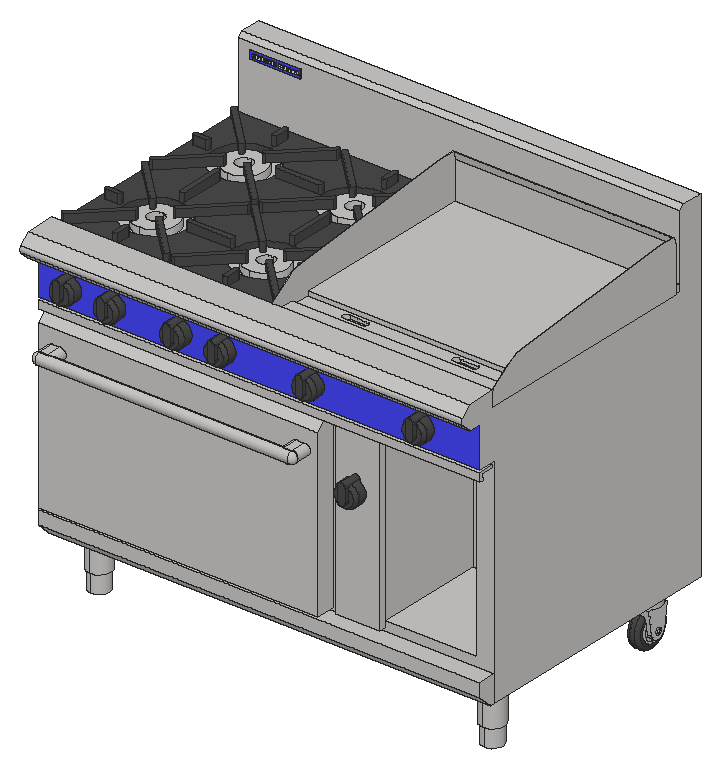
Revit family "QF_MOFFAT_BLUESEAL_CE_G508B", category Specialty Equipment, Revit 2012
Parameters
  Width = 1200 mm
  Weight in Pounds = 568
  URL Cutsheet = "www.moffat.com"
  URL = "www.moffat.com"
  Type Mark [instance] = ""
  Status [instance] = ""
  Specification by User [instance] = ""
  Specification by Manufacturer = ""
  Show Logo [instance] = yes
  Show Clearance [instance] = yes
  Show Casters [instance] = yes
  Serial Number = ""
  Seismic Rating = ""
  SMACNA No = ""
  Revision Code [instance] = ""
  Omniclass Number and Title = ""
  NAFEM Spec ID Number = ""
  Model = "G508B"
  Mechanical Remarks = ""
  Mechanical Connection Type [instance] = ""
  Masterspec = ""
  Manufacturer = "MOFFAT BLUESEAL"
  Legs [instance] = not(Show Casters)  # no
  Item Number [instance] = ""
  Installed By [instance] = ""
  Identify Quantity as Lot [instance] = yes
  Height = 970 mm
  Gas Size = 3/4"
  Gas RI Height [instance] = 0 mm
  Gas KW [instance] = 50.5
  Gas Input [instance] = 172502.0 Btu/h
  Gas Connection Height = 0 mm
  Furnished By [instance] = ""
  Foodservice Equipment Identifier [instance] = yes
  Description = "1200MM GAS RANGE WITH STATIC OVEN"
  Depth = 812 mm
  CSI MasterFormat = ""
  CSI Master Format = ""
  Body Finish = QF_Finishes_Stainless Steel
Reference planes
  plane 1 "BACK": y = 0
  plane 2: z = 0
  plane 3 "LEFT": x = 0
  plane 4 "RIGHT": x = 1200
  plane 5 "FRONT": y = -812
  plane 6 "TOP": z = 970
  plane 7 "Center Y": x = 600
  plane 8 "Center X": y = -406
  plane 9: x = 280
  plane 10: y = -574.272
  plane 11: x = 60
  plane 12: y = -304.972
  plane 13: y = -364.972
  plane 14: x = 74
  plane 15: y = -812
  plane 16: x = 1134.5
  plane 17: y = -32
  plane 18: z = 655
  plane 19: x = 65.5
  plane 20: x = 65.8
  plane 21: z = 1085
  plane 22: y = -705
Forms (mm)
  Extrusion 1, solid, material "QF_Finishes_Stainless Steel" <- "Body Finish"
    sketch origin (0, 0, 0) x (0, 1, 0) y (0, 0, 1)
      loop
        line (0, 150) -> (0, 1085) -> (-57.5, 1085) -> (-70, 1072.5) -> (-70, 875) -> (-705, 875) -> (-705, 915) -> (-783.97, 915) -> (-808.49, 890.48)
        arc (-808.49, 890.48) -> (-812.002, 882) -> (-808.49, 873.52) r 11.993
        line (-808.49, 873.52) -> (-784.97, 850) -> (-749, 850) -> (-749, 740) -> (-699, 740) -> (-699, 150) -> (0, 150)
      loop
        line (-749, 222.5) -> (-749, 186) -> (-713.071, 150.071) -> (-703.2, 150.071) -> (-703.2, 222.5) -> (-749, 222.5)
      loop
        line (-749, 710) -> (-740.224, 710) -> (-742.613, 726.999) -> (-707.93, 726.999) -> (-707.93, 734.003) -> (-749, 734.003) -> (-749, 710)
    from 0 to 1200
  Extrusion 2, solid, material "QF_Finishes_Stainless Steel"
    sketch origin (0, 7, 0) x (0, 1, 0) y (0, 0, 1)
      loop
        line (-706, 700) -> (-732, 700) -> (-756, 676) -> (-756, 227.5) -> (-706, 227.5) -> (-706, 700)
    from 0 to 760
  Extrusion 3, solid, material "QF_Finishes_Stainless Steel"
    sketch origin (723.5, 7, 0) x (0, 1, 0) y (0, 0, 1)
      loop
        line (-706, 700) -> (-721, 700) -> (-721, 227.5) -> (-706, 227.5) -> (-706, 700)
    from 56.898 to 176.5
  Revolve 4, solid, material "QF_Finishes_Stainless Steel" <- "Body Finish"
    sketch origin (1134.5, -696.126, 0) x (0, 1, 0) y (0, 0, -1)
      loop
        line (39.376, -150) -> (71.126, -150) -> (71.126, 0) -> (43.626, 0) -> (43.626, -50) -> (39.376, -50) -> (39.376, -150)
      axis (71.126, -150) -> (71.126, 0)
    angle from 0 to 360
  Revolve 5, solid, material "QF_Finishes_Stainless Steel" <- "Body Finish"
    sketch origin (65.5, -696.126, 0) x (0, 1, 0) y (0, 0, 1)
      loop
        line (39.376, 150) -> (39.376, 50) -> (43.626, 50) -> (43.626, 0) -> (71.126, 0) -> (71.126, 150) -> (39.376, 150)
      axis (71.126, 150) -> (71.126, 0)
    angle from 0 to 360
  Extrusion 6, solid, material "QF_Finishes_Stainless Steel"
    sketch origin (-64.5, 0, 325) x (1, 0, 0) y (0, 1, 0)
      loop
        circle (1134.5, -32) r 10
    from 330 to 374.856
  Extrusion 7, void
    sketch origin (0, -703.73, 150) x (0, 0, -1) y (-1, 0, 0)
      loop
        line (-526, -900) -> (-526, -1150) -> (-96, -1150) -> (-96, -900) -> (-526, -900)
    from 0 to 304.8
  Extrusion 8, solid, material "QF_Finishes_Black"
    sketch origin (0, -70, 875) x (0, -1, 0) y (1, 0, 0)
      loop
        arc (1, 4) -> (1.879, 1.879) -> (4, 1) r 3
        line (4, 1) -> (632, 1)
        arc (632, 1) -> (634.121, 1.879) -> (635, 4) r 3
        line (635, 4) -> (635, 597)
        arc (635, 597) -> (634.121, 599.121) -> (632, 600) r 3
        line (632, 600) -> (4, 600)
        arc (4, 600) -> (1.879, 599.121) -> (1, 597) r 3
        line (1, 597) -> (1, 4)
      loop
        circle (167.5, 150) r 85
      loop
        circle (167.5, 450) r 85
      loop
        circle (467.768, 150) r 85
      loop
        circle (467.768, 450) r 85
    from 0 to 19.5
  Extrusion 9, solid, material "QF_Finishes_Black"
    sketch origin (0, -70, 894.5) x (0, -1, 0) y (1, 0, 0)
      loop
        spline (327.102, 15.153) -> (326.181, 13.924) -> (325.631, 12.47) -> (325.49, 10.89) -> (325.767, 9.292) -> (326.443, 7.786) -> (327.473, 6.473) -> (328.786, 5.443) -> (330.292, 4.767) -> (331.89, 4.49) -> (333.47, 4.631) -> (334.924, 5.181) -> (336.153, 6.102)
        line (336.153, 6.102) -> (444.076, 114.025)
        spline (444.076, 114.025) -> (444.837, 115.095) -> (445.238, 116.399) -> (445.251, 117.851) -> (444.875, 119.35) -> (444.137, 120.795) -> (443.086, 122.086) -> (441.795, 123.137) -> (440.35, 123.875) -> (438.851, 124.251) -> (437.399, 124.238) -> (436.095, 123.837) -> (435.025, 123.076)
        line (435.025, 123.076) -> (327.102, 15.153)
      loop
        line (611.398, 15.153) -> (503.475, 123.076)
        spline (503.475, 123.076) -> (502.405, 123.837) -> (501.101, 124.238) -> (499.649, 124.251) -> (498.15, 123.875) -> (496.705, 123.137) -> (495.414, 122.086) -> (494.363, 120.795) -> (493.625, 119.35) -> (493.249, 117.851) -> (493.262, 116.399) -> (493.663, 115.095) -> (494.424, 114.025)
        line (494.424, 114.025) -> (602.347, 6.102)
        spline (602.347, 6.102) -> (603.416, 5.341) -> (604.721, 4.941) -> (606.172, 4.928) -> (607.671, 5.303) -> (609.116, 6.041) -> (610.408, 7.092) -> (611.459, 8.384) -> (612.197, 9.829) -> (612.572, 11.328) -> (612.559, 12.779) -> (612.159, 14.084) -> (611.398, 15.153)
      loop
        spline (379.102, 143.6) -> (380.396, 143.818) -> (381.602, 144.457) -> (382.638, 145.475) -> (383.432, 146.8) -> (383.932, 148.344) -> (384.102, 150) -> (383.932, 151.656) -> (383.432, 153.2) -> (382.638, 154.525) -> (381.602, 155.543) -> (380.396, 156.182) -> (379.102, 156.4)
        line (379.102, 156.4) -> (259.398, 156.4)
        spline (259.398, 156.4) -> (258.104, 156.182) -> (256.898, 155.543) -> (255.862, 154.525) -> (255.068, 153.2) -> (254.568, 151.656) -> (254.398, 150) -> (254.568, 148.344) -> (255.068, 146.8) -> (255.862, 145.475) -> (256.898, 144.457) -> (258.104, 143.818) -> (259.398, 143.6)
        line (259.398, 143.6) -> (379.102, 143.6)
      loop
        spline (23.602, 15.153) -> (22.681, 13.924) -> (22.131, 12.47) -> (21.99, 10.89) -> (22.267, 9.292) -> (22.943, 7.786) -> (23.973, 6.473) -> (25.286, 5.443) -> (26.792, 4.767) -> (28.39, 4.49) -> (29.97, 4.631) -> (31.424, 5.181) -> (32.653, 6.102)
        line (32.653, 6.102) -> (140.576, 114.025)
        spline (140.576, 114.025) -> (141.337, 115.095) -> (141.738, 116.399) -> (141.751, 117.851) -> (141.375, 119.35) -> (140.637, 120.795) -> (139.586, 122.086) -> (138.295, 123.137) -> (136.85, 123.875) -> (135.351, 124.251) -> (133.899, 124.238) -> (132.595, 123.837) -> (131.525, 123.076)
        line (131.525, 123.076) -> (23.602, 15.153)
      loop
        line (311.398, 15.153) -> (203.475, 123.076)
        spline (203.475, 123.076) -> (202.405, 123.837) -> (201.101, 124.238) -> (199.649, 124.251) -> (198.15, 123.875) -> (196.705, 123.137) -> (195.414, 122.086) -> (194.363, 120.795) -> (193.625, 119.35) -> (193.249, 117.851) -> (193.262, 116.399) -> (193.663, 115.095) -> (194.424, 114.025)
        line (194.424, 114.025) -> (302.347, 6.102)
        spline (302.347, 6.102) -> (303.416, 5.341) -> (304.721, 4.941) -> (306.172, 4.928) -> (307.671, 5.303) -> (309.116, 6.041) -> (310.408, 7.092) -> (311.459, 8.384) -> (312.197, 9.829) -> (312.572, 11.328) -> (312.559, 12.779) -> (312.159, 14.084) -> (311.398, 15.153)
      loop
        line (327.102, 284.847) -> (435.025, 176.924)
        spline (435.025, 176.924) -> (436.095, 176.163) -> (437.399, 175.762) -> (438.851, 175.749) -> (440.35, 176.125) -> (441.795, 176.863) -> (443.086, 177.914) -> (444.137, 179.205) -> (444.875, 180.65) -> (445.251, 182.149) -> (445.238, 183.601) -> (444.837, 184.905) -> (444.076, 185.975)
        line (444.076, 185.975) -> (336.153, 293.898)
        spline (336.153, 293.898) -> (334.924, 294.819) -> (333.47, 295.369) -> (331.89, 295.51) -> (330.292, 295.233) -> (328.786, 294.557) -> (327.473, 293.527) -> (326.443, 292.214) -> (325.767, 290.708) -> (325.49, 289.11) -> (325.631, 287.53) -> (326.181, 286.076) -> (327.102, 284.847)
      loop
        spline (611.398, 284.847) -> (612.159, 285.916) -> (612.559, 287.221) -> (612.572, 288.672) -> (612.197, 290.171) -> (611.459, 291.616) -> (610.408, 292.908) -> (609.116, 293.959) -> (607.671, 294.697) -> (606.172, 295.072) -> (604.721, 295.059) -> (603.416, 294.659) -> (602.347, 293.898)
        line (602.347, 293.898) -> (494.424, 185.975)
        spline (494.424, 185.975) -> (493.663, 184.905) -> (493.262, 183.601) -> (493.249, 182.149) -> (493.625, 180.65) -> (494.363, 179.205) -> (495.414, 177.914) -> (496.705, 176.863) -> (498.15, 176.125) -> (499.649, 175.749) -> (501.101, 175.762) -> (502.405, 176.163) -> (503.475, 176.924)
        line (503.475, 176.924) -> (611.398, 284.847)
      loop
        spline (461.1, 241.898) -> (461.318, 240.604) -> (461.957, 239.398) -> (462.975, 238.362) -> (464.3, 237.568) -> (465.844, 237.068) -> (467.5, 236.898) -> (469.156, 237.068) -> (470.7, 237.568) -> (472.025, 238.362) -> (473.043, 239.398) -> (473.682, 240.604) -> (473.9, 241.898)
        line (473.9, 241.898) -> (473.9, 358.102)
        spline (473.9, 358.102) -> (473.682, 359.396) -> (473.043, 360.602) -> (472.025, 361.638) -> (470.7, 362.432) -> (469.156, 362.932) -> (467.5, 363.102) -> (465.844, 362.932) -> (464.3, 362.432) -> (462.975, 361.638) -> (461.957, 360.602) -> (461.318, 359.396) -> (461.1, 358.102)
        line (461.1, 358.102) -> (461.1, 241.898)
      loop
        line (23.602, 284.847) -> (131.525, 176.924)
        spline (131.525, 176.924) -> (132.595, 176.163) -> (133.899, 175.762) -> (135.351, 175.749) -> (136.85, 176.125) -> (138.295, 176.863) -> (139.586, 177.914) -> (140.637, 179.205) -> (141.375, 180.65) -> (141.751, 182.149) -> (141.738, 183.601) -> (141.337, 184.905) -> (140.576, 185.975)
        line (140.576, 185.975) -> (32.653, 293.898)
        spline (32.653, 293.898) -> (31.424, 294.819) -> (29.97, 295.369) -> (28.39, 295.51) -> (26.792, 295.233) -> (25.286, 294.557) -> (23.973, 293.527) -> (22.943, 292.214) -> (22.267, 290.708) -> (21.99, 289.11) -> (22.131, 287.53) -> (22.681, 286.076) -> (23.602, 284.847)
      loop
        spline (311.398, 284.847) -> (312.159, 285.916) -> (312.559, 287.221) -> (312.572, 288.672) -> (312.197, 290.171) -> (311.459, 291.616) -> (310.408, 292.908) -> (309.116, 293.959) -> (307.671, 294.697) -> (306.172, 295.072) -> (304.721, 295.059) -> (303.416, 294.659) -> (302.347, 293.898)
        line (302.347, 293.898) -> (194.424, 185.975)
        spline (194.424, 185.975) -> (193.663, 184.905) -> (193.262, 183.601) -> (193.249, 182.149) -> (193.625, 180.65) -> (194.363, 179.205) -> (195.414, 177.914) -> (196.705, 176.863) -> (198.15, 176.125) -> (199.649, 175.749) -> (201.101, 175.762) -> (202.405, 176.163) -> (203.475, 176.924)
        line (203.475, 176.924) -> (311.398, 284.847)
      loop
        spline (161.1, 241.898) -> (161.318, 240.604) -> (161.957, 239.398) -> (162.975, 238.362) -> (164.3, 237.568) -> (165.844, 237.068) -> (167.5, 236.898) -> (169.156, 237.068) -> (170.7, 237.568) -> (172.025, 238.362) -> (173.043, 239.398) -> (173.682, 240.604) -> (173.9, 241.898)
        line (173.9, 241.898) -> (173.9, 358.102)
        spline (173.9, 358.102) -> (173.682, 359.396) -> (173.043, 360.602) -> (172.025, 361.638) -> (170.7, 362.432) -> (169.156, 362.932) -> (167.5, 363.102) -> (165.844, 362.932) -> (164.3, 362.432) -> (162.975, 361.638) -> (161.957, 360.602) -> (161.318, 359.396) -> (161.1, 358.102)
        line (161.1, 358.102) -> (161.1, 241.898)
      loop
        line (379.102, 456.4) -> (259.398, 456.4)
        spline (259.398, 456.4) -> (258.104, 456.182) -> (256.898, 455.543) -> (255.862, 454.525) -> (255.068, 453.2) -> (254.568, 451.656) -> (254.398, 450) -> (254.568, 448.344) -> (255.068, 446.8) -> (255.862, 445.475) -> (256.898, 444.457) -> (258.104, 443.818) -> (259.398, 443.6)
        line (259.398, 443.6) -> (379.102, 443.6)
        spline (379.102, 443.6) -> (380.396, 443.818) -> (381.602, 444.457) -> (382.638, 445.475) -> (383.432, 446.8) -> (383.932, 448.344) -> (384.102, 450) -> (383.932, 451.656) -> (383.432, 453.2) -> (382.638, 454.525) -> (381.602, 455.543) -> (380.396, 456.182) -> (379.102, 456.4)
      loop
        spline (327.102, 315.153) -> (326.181, 313.924) -> (325.631, 312.47) -> (325.49, 310.89) -> (325.767, 309.292) -> (326.443, 307.786) -> (327.473, 306.473) -> (328.786, 305.443) -> (330.292, 304.767) -> (331.89, 304.49) -> (333.47, 304.631) -> (334.924, 305.181) -> (336.153, 306.102)
        line (336.153, 306.102) -> (444.076, 414.025)
        spline (444.076, 414.025) -> (444.837, 415.095) -> (445.238, 416.399) -> (445.251, 417.851) -> (444.875, 419.35) -> (444.137, 420.795) -> (443.086, 422.086) -> (441.795, 423.137) -> (440.35, 423.875) -> (438.851, 424.251) -> (437.399, 424.238) -> (436.095, 423.837) -> (435.025, 423.076)
        line (435.025, 423.076) -> (327.102, 315.153)
      loop
        line (611.398, 315.153) -> (503.475, 423.076)
        spline (503.475, 423.076) -> (502.405, 423.837) -> (501.101, 424.238) -> (499.649, 424.251) -> (498.15, 423.875) -> (496.705, 423.137) -> (495.414, 422.086) -> (494.363, 420.795) -> (493.625, 419.35) -> (493.249, 417.851) -> (493.262, 416.399) -> (493.663, 415.095) -> (494.424, 414.025)
        line (494.424, 414.025) -> (602.347, 306.102)
        spline (602.347, 306.102) -> (603.416, 305.341) -> (604.721, 304.941) -> (606.172, 304.928) -> (607.671, 305.303) -> (609.116, 306.041) -> (610.408, 307.092) -> (611.459, 308.384) -> (612.197, 309.829) -> (612.572, 311.328) -> (612.559, 312.779) -> (612.159, 314.084) -> (611.398, 315.153)
      loop
        spline (23.602, 315.153) -> (22.681, 313.924) -> (22.131, 312.47) -> (21.99, 310.89) -> (22.267, 309.292) -> (22.943, 307.786) -> (23.973, 306.473) -> (25.286, 305.443) -> (26.792, 304.767) -> (28.39, 304.49) -> (29.97, 304.631) -> (31.424, 305.181) -> (32.653, 306.102)
        line (32.653, 306.102) -> (140.576, 414.025)
        spline (140.576, 414.025) -> (141.337, 415.095) -> (141.738, 416.399) -> (141.751, 417.851) -> (141.375, 419.35) -> (140.637, 420.795) -> (139.586, 422.086) -> (138.295, 423.137) -> (136.85, 423.875) -> (135.351, 424.251) -> (133.899, 424.238) -> (132.595, 423.837) -> (131.525, 423.076)
        line (131.525, 423.076) -> (23.602, 315.153)
      loop
        line (311.398, 315.153) -> (203.475, 423.076)
        spline (203.475, 423.076) -> (202.405, 423.837) -> (201.101, 424.238) -> (199.649, 424.251) -> (198.15, 423.875) -> (196.705, 423.137) -> (195.414, 422.086) -> (194.363, 420.795) -> (193.625, 419.35) -> (193.249, 417.851) -> (193.262, 416.399) -> (193.663, 415.095) -> (194.424, 414.025)
        line (194.424, 414.025) -> (302.347, 306.102)
        spline (302.347, 306.102) -> (303.416, 305.341) -> (304.721, 304.941) -> (306.172, 304.928) -> (307.671, 305.303) -> (309.116, 306.041) -> (310.408, 307.092) -> (311.459, 308.384) -> (312.197, 309.829) -> (312.572, 311.328) -> (312.559, 312.779) -> (312.159, 314.084) -> (311.398, 315.153)
      loop
        line (327.102, 584.847) -> (435.025, 476.924)
        spline (435.025, 476.924) -> (436.095, 476.163) -> (437.399, 475.762) -> (438.851, 475.749) -> (440.35, 476.125) -> (441.795, 476.863) -> (443.086, 477.914) -> (444.137, 479.205) -> (444.875, 480.65) -> (445.251, 482.149) -> (445.238, 483.601) -> (444.837, 484.905) -> (444.076, 485.975)
        line (444.076, 485.975) -> (336.153, 593.898)
        spline (336.153, 593.898) -> (334.924, 594.819) -> (333.47, 595.369) -> (331.89, 595.51) -> (330.292, 595.233) -> (328.786, 594.557) -> (327.473, 593.527) -> (326.443, 592.214) -> (325.767, 590.708) -> (325.49, 589.11) -> (325.631, 587.53) -> (326.181, 586.076) -> (327.102, 584.847)
      loop
        spline (611.398, 584.847) -> (612.159, 585.916) -> (612.559, 587.221) -> (612.572, 588.672) -> (612.197, 590.171) -> (611.459, 591.616) -> (610.408, 592.908) -> (609.116, 593.959) -> (607.671, 594.697) -> (606.172, 595.072) -> (604.721, 595.059) -> (603.416, 594.659) -> (602.347, 593.898)
        line (602.347, 593.898) -> (494.424, 485.975)
        spline (494.424, 485.975) -> (493.663, 484.905) -> (493.262, 483.601) -> (493.249, 482.149) -> (493.625, 480.65) -> (494.363, 479.205) -> (495.414, 477.914) -> (496.705, 476.863) -> (498.15, 476.125) -> (499.649, 475.749) -> (501.101, 475.762) -> (502.405, 476.163) -> (503.475, 476.924)
        line (503.475, 476.924) -> (611.398, 584.847)
      loop
        line (23.602, 584.847) -> (131.525, 476.924)
        spline (131.525, 476.924) -> (132.595, 476.163) -> (133.899, 475.762) -> (135.351, 475.749) -> (136.85, 476.125) -> (138.295, 476.863) -> (139.586, 477.914) -> (140.637, 479.205) -> (141.375, 480.65) -> (141.751, 482.149) -> (141.738, 483.601) -> (141.337, 484.905) -> (140.576, 485.975)
        line (140.576, 485.975) -> (32.653, 593.898)
        spline (32.653, 593.898) -> (31.424, 594.819) -> (29.97, 595.369) -> (28.39, 595.51) -> (26.792, 595.233) -> (25.286, 594.557) -> (23.973, 593.527) -> (22.943, 592.214) -> (22.267, 590.708) -> (21.99, 589.11) -> (22.131, 587.53) -> (22.681, 586.076) -> (23.602, 584.847)
      loop
        spline (311.398, 584.847) -> (312.159, 585.916) -> (312.559, 587.221) -> (312.572, 588.672) -> (312.197, 590.171) -> (311.459, 591.616) -> (310.408, 592.908) -> (309.116, 593.959) -> (307.671, 594.697) -> (306.172, 595.072) -> (304.721, 595.059) -> (303.416, 594.659) -> (302.347, 593.898)
        line (302.347, 593.898) -> (194.424, 485.975)
        spline (194.424, 485.975) -> (193.663, 484.905) -> (193.262, 483.601) -> (193.249, 482.149) -> (193.625, 480.65) -> (194.363, 479.205) -> (195.414, 477.914) -> (196.705, 476.863) -> (198.15, 476.125) -> (199.649, 475.749) -> (201.101, 475.762) -> (202.405, 476.163) -> (203.475, 476.924)
        line (203.475, 476.924) -> (311.398, 584.847)
      loop
        spline (473.9, 592.104) -> (473.682, 593.398) -> (473.043, 594.604) -> (472.025, 595.64) -> (470.7, 596.434) -> (469.156, 596.934) -> (467.5, 597.104) -> (465.844, 596.934) -> (464.3, 596.434) -> (462.975, 595.64) -> (461.957, 594.604) -> (461.318, 593.398) -> (461.1, 592.104)
        line (461.1, 592.104) -> (461.1, 542.13)
        spline (461.1, 542.13) -> (461.318, 540.836) -> (461.957, 539.63) -> (462.975, 538.595) -> (464.3, 537.8) -> (465.844, 537.301) -> (467.5, 537.13) -> (469.156, 537.301) -> (470.7, 537.8) -> (472.025, 538.595) -> (473.043, 539.63) -> (473.682, 540.836) -> (473.9, 542.13)
        line (473.9, 542.13) -> (473.9, 592.104)
      loop
        spline (173.9, 592.104) -> (173.682, 593.398) -> (173.043, 594.604) -> (172.025, 595.64) -> (170.7, 596.434) -> (169.156, 596.934) -> (167.5, 597.104) -> (165.844, 596.934) -> (164.3, 596.434) -> (162.975, 595.64) -> (161.957, 594.604) -> (161.318, 593.398) -> (161.1, 592.104)
        line (161.1, 592.104) -> (161.1, 542.13)
        spline (161.1, 542.13) -> (161.318, 540.836) -> (161.957, 539.63) -> (162.975, 538.595) -> (164.3, 537.8) -> (165.844, 537.301) -> (167.5, 537.13) -> (169.156, 537.301) -> (170.7, 537.8) -> (172.025, 538.595) -> (173.043, 539.63) -> (173.682, 540.836) -> (173.9, 542.13)
        line (173.9, 542.13) -> (173.9, 592.104)
      loop
        spline (65.602, 143.6) -> (66.896, 143.818) -> (68.102, 144.457) -> (69.138, 145.475) -> (69.932, 146.8) -> (70.432, 148.344) -> (70.602, 150) -> (70.432, 151.656) -> (69.932, 153.2) -> (69.138, 154.525) -> (68.102, 155.543) -> (66.896, 156.182) -> (65.602, 156.4)
        line (65.602, 156.4) -> (29.398, 156.4)
        spline (29.398, 156.4) -> (28.104, 156.182) -> (26.898, 155.543) -> (25.862, 154.525) -> (25.068, 153.2) -> (24.568, 151.656) -> (24.398, 150) -> (24.568, 148.344) -> (25.068, 146.8) -> (25.862, 145.475) -> (26.898, 144.457) -> (28.104, 143.818) -> (29.398, 143.6)
        line (29.398, 143.6) -> (65.602, 143.6)
      loop
        spline (65.602, 443.6) -> (66.896, 443.818) -> (68.102, 444.457) -> (69.138, 445.475) -> (69.932, 446.8) -> (70.432, 448.344) -> (70.602, 450) -> (70.432, 451.656) -> (69.932, 453.2) -> (69.138, 454.525) -> (68.102, 455.543) -> (66.896, 456.182) -> (65.602, 456.4)
        line (65.602, 456.4) -> (29.398, 456.4)
        spline (29.398, 456.4) -> (28.104, 456.182) -> (26.898, 455.543) -> (25.862, 454.525) -> (25.068, 453.2) -> (24.568, 451.656) -> (24.398, 450) -> (24.568, 448.344) -> (25.068, 446.8) -> (25.862, 445.475) -> (26.898, 444.457) -> (28.104, 443.818) -> (29.398, 443.6)
        line (29.398, 443.6) -> (65.602, 443.6)
      loop
        spline (605.602, 143.6) -> (606.896, 143.818) -> (608.102, 144.457) -> (609.138, 145.475) -> (609.932, 146.8) -> (610.432, 148.344) -> (610.602, 150) -> (610.432, 151.656) -> (609.932, 153.2) -> (609.138, 154.525) -> (608.102, 155.543) -> (606.896, 156.182) -> (605.602, 156.4)
        line (605.602, 156.4) -> (569.398, 156.4)
        spline (569.398, 156.4) -> (568.104, 156.182) -> (566.898, 155.543) -> (565.862, 154.525) -> (565.068, 153.2) -> (564.568, 151.656) -> (564.398, 150) -> (564.568, 148.344) -> (565.068, 146.8) -> (565.862, 145.475) -> (566.898, 144.457) -> (568.104, 143.818) -> (569.398, 143.6)
        line (569.398, 143.6) -> (605.602, 143.6)
      loop
        spline (605.602, 443.6) -> (606.896, 443.818) -> (608.102, 444.457) -> (609.138, 445.475) -> (609.932, 446.8) -> (610.432, 448.344) -> (610.602, 450) -> (610.432, 451.656) -> (609.932, 453.2) -> (609.138, 454.525) -> (608.102, 455.543) -> (606.896, 456.182) -> (605.602, 456.4)
        line (605.602, 456.4) -> (569.398, 456.4)
        spline (569.398, 456.4) -> (568.104, 456.182) -> (566.898, 455.543) -> (565.862, 454.525) -> (565.068, 453.2) -> (564.568, 451.656) -> (564.398, 450) -> (564.568, 448.344) -> (565.068, 446.8) -> (565.862, 445.475) -> (566.898, 444.457) -> (568.104, 443.818) -> (569.398, 443.6)
        line (569.398, 443.6) -> (605.602, 443.6)
      loop
        line (460.626, 50.584) -> (460.626, 16.591)
        spline (460.626, 16.591) -> (460.844, 15.297) -> (461.483, 14.091) -> (462.501, 13.055) -> (463.826, 12.261) -> (465.37, 11.761) -> (467.026, 11.591) -> (468.682, 11.761) -> (470.226, 12.261) -> (471.551, 13.055) -> (472.569, 14.091) -> (473.208, 15.297) -> (473.426, 16.591)
        line (473.426, 16.591) -> (473.426, 50.584)
        spline (473.426, 50.584) -> (473.208, 51.878) -> (472.569, 53.084) -> (471.551, 54.119) -> (470.226, 54.914) -> (468.682, 55.413) -> (467.026, 55.584) -> (465.37, 55.413) -> (463.826, 54.914) -> (462.501, 54.119) -> (461.483, 53.084) -> (460.844, 51.878) -> (460.626, 50.584)
      loop
        line (160.11, 50.584) -> (160.11, 16.591)
        spline (160.11, 16.591) -> (160.328, 15.297) -> (160.967, 14.091) -> (161.984, 13.055) -> (163.31, 12.261) -> (164.853, 11.761) -> (166.51, 11.591) -> (168.166, 11.761) -> (169.71, 12.261) -> (171.035, 13.055) -> (172.052, 14.091) -> (172.692, 15.297) -> (172.91, 16.591)
        line (172.91, 16.591) -> (172.91, 50.584)
        spline (172.91, 50.584) -> (172.692, 51.878) -> (172.052, 53.084) -> (171.035, 54.119) -> (169.71, 54.914) -> (168.166, 55.413) -> (166.51, 55.584) -> (164.853, 55.413) -> (163.31, 54.914) -> (161.984, 54.119) -> (160.967, 53.084) -> (160.328, 51.878) -> (160.11, 50.584)
    from 0 to 23.5
  Revolve 10, solid, material "QF_Finishes_Black"
    sketch origin (750.113, 45.874, -0.118) x (0, 1, 0) y (0, 0, 1)
      loop
        line (-827.874, 829.5) -> (-838.874, 823.651) -> (-838.874, 797) -> (-794.874, 797) -> (-794.874, 802) -> (-804.874, 802) -> (-804.874, 829.5) -> (-827.874, 829.5)
      axis (-838.874, 797) -> (-794.874, 797)
    angle from 0 to 360
  Revolve 11, solid, material "QF_Finishes_Black"
    sketch origin (90.649, 45.874, -0.118) x (0, 1, 0) y (0, 0, -1)
      loop
        line (-827.874, -829.5) -> (-804.874, -829.5) -> (-804.874, -802) -> (-794.874, -802) -> (-794.874, -797) -> (-838.874, -797) -> (-838.874, -823.651) -> (-827.874, -829.5)
      axis (-838.874, -797) -> (-794.874, -797)
    angle from 0 to 360
  Revolve 12, solid, material "QF_Finishes_Black"
    sketch origin (210.649, 45.874, -0.118) x (0, 1, 0) y (0, 0, -1)
      loop
        line (-827.874, -829.5) -> (-804.874, -829.5) -> (-804.874, -802) -> (-794.874, -802) -> (-794.874, -797) -> (-838.874, -797) -> (-838.874, -823.651) -> (-827.874, -829.5)
      axis (-838.874, -797) -> (-794.874, -797)
    angle from 0 to 360
  Revolve 13, solid, material "QF_Finishes_Black"
    sketch origin (390.625, 45.874, -0.118) x (0, 1, 0) y (0, 0, -1)
      loop
        line (-827.874, -829.5) -> (-804.874, -829.5) -> (-804.874, -802) -> (-794.874, -802) -> (-794.874, -797) -> (-838.874, -797) -> (-838.874, -823.651) -> (-827.874, -829.5)
      axis (-838.874, -797) -> (-794.874, -797)
    angle from 0 to 360
  Revolve 14, solid, material "QF_Finishes_Black"
    sketch origin (510.625, 45.874, -0.118) x (0, 1, 0) y (0, 0, -1)
      loop
        line (-827.874, -829.5) -> (-804.874, -829.5) -> (-804.874, -802) -> (-794.874, -802) -> (-794.874, -797) -> (-838.874, -797) -> (-838.874, -823.651) -> (-827.874, -829.5)
      axis (-838.874, -797) -> (-794.874, -797)
    angle from 0 to 360
  Extrusion 15, solid, material "QF_Finishes_Black"
    sketch origin (238.456, 7, -0.118) x (-1, 0, 0) y (0, 0, -1)
      loop
        arc (158.3, -789) -> (148.3, -779) -> (138.3, -789) r 10
        line (138.3, -789) -> (138.3, -824)
        arc (138.3, -824) -> (148.3, -834) -> (158.3, -824) r 10
        line (158.3, -824) -> (158.3, -789)
    from 759 to 808
  Extrusion 16, solid, material "QF_Finishes_Black"
    sketch origin (358.456, 7, -0.118) x (-1, 0, 0) y (0, 0, -1)
      loop
        arc (158.3, -789) -> (148.3, -779) -> (138.3, -789) r 10
        line (138.3, -789) -> (138.3, -824)
        arc (138.3, -824) -> (148.3, -834) -> (158.3, -824) r 10
        line (158.3, -824) -> (158.3, -789)
    from 759 to 808
  Extrusion 17, solid, material "QF_Finishes_Black"
    sketch origin (538.432, 7, -0.118) x (-1, 0, 0) y (0, 0, -1)
      loop
        arc (158.3, -789) -> (148.3, -779) -> (138.3, -789) r 10
        line (138.3, -789) -> (138.3, -824)
        arc (138.3, -824) -> (148.3, -834) -> (158.3, -824) r 10
        line (158.3, -824) -> (158.3, -789)
    from 759 to 808
  Extrusion 18, solid, material "QF_Finishes_Black"
    sketch origin (658.432, 7, -0.118) x (-1, 0, 0) y (0, 0, -1)
      loop
        arc (158.3, -789) -> (148.3, -779) -> (138.3, -789) r 10
        line (138.3, -789) -> (138.3, -824)
        arc (138.3, -824) -> (148.3, -834) -> (158.3, -824) r 10
        line (158.3, -824) -> (158.3, -789)
    from 759 to 808
  Extrusion 19, solid, material "QF_Finishes_Black"
    sketch origin (897.92, 7, -0.118) x (-1, 0, 0) y (0, 0, -1)
      loop
        arc (158.3, -789) -> (148.3, -779) -> (138.3, -789) r 10
        line (138.3, -789) -> (138.3, -824)
        arc (138.3, -824) -> (148.3, -834) -> (158.3, -824) r 10
        line (158.3, -824) -> (158.3, -789)
    from 759 to 808
  Revolve 20, solid, material "QF_Finishes_Black"
    sketch origin (836.851, 80.874, -246.368) x (0, 1, 0) y (0, 0, 1)
      loop
        line (-827.874, 829.5) -> (-838.874, 823.651) -> (-838.874, 797) -> (-794.874, 797) -> (-794.874, 802) -> (-804.874, 802) -> (-804.874, 829.5) -> (-827.874, 829.5)
      axis (-838.874, 797) -> (-794.874, 797)
    angle from 0 to 360
  Extrusion 21, solid, material "QF_Finishes_Black"
    sketch origin (389.044, 42, -246.368) x (1, 0, 0) y (0, 0, 1)
      loop
        line (458.3, 789) -> (458.3, 824)
        arc (458.3, 824) -> (448.3, 834) -> (438.3, 824) r 10
        line (438.3, 824) -> (438.3, 789)
        arc (438.3, 789) -> (448.3, 779) -> (458.3, 789) r 10
    from 759 to 808
  Extrusion 22, solid, material "QF_Door-Drawer Clearances", visible <- "Show Clearance", detail levels coarse
    sketch origin (760, 7, 0) x (0, 1, 0) y (0, 0, 1)
      loop
        arc (-756, 697.347) -> (-1088.232, 559.732) -> (-1225.847, 227.5) r 469.847
        line (-1225.847, 227.5) -> (-756, 227.5) -> (-756, 697.347)
    from 0 to -760
  Extrusion 23, void
    sketch origin (0, 0, 150) x (-1, 0, 0) y (0, -1, 0)
      loop
        line (-1133.988, 87.26) -> (-1133.988, -30.24) -> (-1004.488, -30.24) -> (-1004.488, 38.76) -> (-1052.988, 87.26) -> (-1133.988, 87.26)
    from 72.5 to 549.856
  Extrusion 24, solid, material "QF_Finishes_Stainless Steel"
    sketch origin (0, -749, 227.5) x (0, 0, 1) y (-1, 0, 0)
      loop
        line (380.625, -38.246) -> (380.625, -58.528)
        arc (380.625, -58.528) -> (395.625, -73.528) -> (410.625, -58.528) r 15
        line (410.625, -58.528) -> (410.625, -38.246)
        arc (410.625, -38.246) -> (395.625, -23.246) -> (380.625, -38.246) r 15
      loop
        arc (380.625, -723.039) -> (395.625, -738.039) -> (410.625, -723.039) r 15
        line (410.625, -723.039) -> (410.625, -702.757)
        arc (410.625, -702.757) -> (395.625, -687.757) -> (380.625, -702.757) r 15
        line (380.625, -702.757) -> (380.625, -723.039)
    from 0 to 44
  Revolve 25, solid, material "QF_Finishes_Stainless Steel"
    sketch origin (0, -793, 0) x (1, 0, 0) y (0, 0, 1)
      loop
        arc (738.039, 623.125) -> (733.646, 633.732) -> (723.039, 638.125) r 15
        line (723.039, 638.125) -> (38.246, 638.125)
        arc (38.246, 638.125) -> (27.64, 633.732) -> (23.246, 623.125) r 15
        line (23.246, 623.125) -> (738.039, 623.125)
      axis (738.039, 623.125) -> (23.246, 623.125)
    angle from 0 to 360
  Extrusion 26, solid, material "QF_Finishes_Stainless Steel"
    sketch origin (0, -70, 875) x (0, -1, 0) y (1, 0, 0)
      loop
        circle (167.5, 450) r 57
      loop
        circle (467.5, 450) r 57
      loop
        circle (467.5, 150) r 57
      loop
        circle (167.5, 150) r 57
      loop
        circle (467.5, 150) r 22
      loop
        circle (467.5, 450) r 22
      loop
        circle (167.5, 450) r 22
      loop
        circle (167.5, 150) r 22
    from 0 to 19.5
  Extrusion 27, solid, material "QF_Finishes_Stainless Steel", visible <- "Show Casters"
    sketch origin (71.501, 133.353, -8.783) x (0, 1, 0) y (0, 0, 1)
      loop
        line (-201.603, 118.783) -> (-265.103, 118.783) -> (-252.746, 53.895)
        arc (-252.746, 53.895) -> (-233.353, 38.783) -> (-213.959, 53.895) r 20
        line (-213.959, 53.895) -> (-201.603, 118.783)
    from -35.667 to 22.923
  Revolve 28, solid, material "QF_Finishes_Stainless Steel", visible <- "Show Casters"
    sketch origin (65, -203, 0) x (0, 1, 0) y (0, 0, 1)
      loop
        line (67.25, 150) -> (67.25, 110) -> (103, 110) -> (103, 150) -> (67.25, 150)
      axis (103, 150) -> (103, 110)
    angle from 0 to 360
  Revolve 29, solid, material "QF_Finishes_Stainless Steel", visible <- "Show Casters"
    sketch origin (1134.5, -203, 0) x (0, 1, 0) y (0, 0, -1)
      loop
        line (67.25, -150) -> (103, -150) -> (103, -110) -> (67.25, -110) -> (67.25, -150)
      axis (103, -150) -> (103, -110)
    angle from 0 to 360
  Revolve 30, solid, material "QF_Finishes_Stainless Steel", visible <- "Show Casters"
    sketch origin (1085.276, -99.755, -13.653) x (1, 0, 0) y (0, 0, 1)
      loop
        line (14.841, 64.453) -> (83.584, 64.453) -> (83.584, 67.958) -> (82.314, 69.228) -> (80.79, 69.228) -> (80.79, 72.674) -> (68.644, 72.674) -> (68.644, 82.639) -> (65.088, 84.692) -> (63.738, 93.028) -> (65.881, 93.028) -> (65.881, 99.378) -> (65.088, 99.378) -> (65.088, 105.728)
        arc (65.088, 105.728) -> (62.298, 112.463) -> (55.563, 115.253) r 9.525
        line (55.563, 115.253) -> (42.863, 115.253)
        arc (42.863, 115.253) -> (36.127, 112.463) -> (33.338, 105.728) r 9.525
        line (33.338, 105.728) -> (33.338, 99.378) -> (32.544, 99.378) -> (32.544, 93.028) -> (34.687, 93.028) -> (33.352, 84.781) -> (29.782, 82.719) -> (29.782, 72.674) -> (17.635, 72.674) -> (17.635, 69.228) -> (16.111, 69.228) -> (14.841, 67.958) -> (14.841, 64.453)
      axis (14.841, 64.453) -> (83.584, 64.453)
    angle from 0 to 360
  Extrusion 31, solid, material "QF_Finishes_Stainless Steel", visible <- "Show Casters"
    sketch origin (1141.001, 133.353, -8.783) x (0, 1, 0) y (0, 0, 1)
      loop
        line (-201.603, 118.783) -> (-265.103, 118.783) -> (-252.746, 53.895)
        arc (-252.746, 53.895) -> (-233.353, 38.783) -> (-213.959, 53.895) r 20
        line (-213.959, 53.895) -> (-201.603, 118.783)
    from -35.667 to 22.923
  Revolve 32, solid, material "QF_Finishes_Stainless Steel", visible <- "Legs"
    sketch origin (65, -165, 0) x (0, 1, 0) y (0, 0, 1)
      loop
        line (33.25, 150) -> (33.25, 50) -> (37.5, 50) -> (37.5, 0) -> (65, 0) -> (65, 150) -> (33.25, 150)
      axis (65, 150) -> (65, 0)
    angle from 0 to 360
  Revolve 33, solid, material "QF_Finishes_Stainless Steel", visible <- "Legs"
    sketch origin (1134.5, -165, 0) x (0, 1, 0) y (0, 0, -1)
      loop
        line (33.25, -150) -> (65, -150) -> (65, 0) -> (37.5, 0) -> (37.5, -50) -> (33.25, -50) -> (33.25, -150)
      axis (65, -150) -> (65, 0)
    angle from 0 to 360
  Revolve 34, solid, material "QF_Finishes_Stainless Steel", visible <- "Show Casters"
    sketch origin (114.224, -99.755, -13.653) x (-1, 0, 0) y (0, 0, -1)
      loop
        line (14.841, -64.453) -> (14.841, -67.958) -> (16.111, -69.228) -> (17.635, -69.228) -> (17.635, -72.674) -> (29.782, -72.674) -> (29.782, -82.719) -> (33.352, -84.781) -> (34.687, -93.028) -> (32.544, -93.028) -> (32.544, -99.378) -> (33.338, -99.378) -> (33.338, -105.728)
        arc (33.338, -105.728) -> (36.127, -112.463) -> (42.863, -115.253) r 9.525
        line (42.863, -115.253) -> (55.563, -115.253)
        arc (55.563, -115.253) -> (62.298, -112.463) -> (65.088, -105.728) r 9.525
        line (65.088, -105.728) -> (65.088, -99.378) -> (65.881, -99.378) -> (65.881, -93.028) -> (63.738, -93.028) -> (65.088, -84.692) -> (68.644, -82.639) -> (68.644, -72.674) -> (80.79, -72.674) -> (80.79, -69.228) -> (82.314, -69.228) -> (83.584, -67.958) -> (83.584, -64.453) -> (14.841, -64.453)
      axis (14.841, -64.453) -> (83.584, -64.453)
    angle from 0 to 360
  Revolve 35, solid, material "QF_Finishes_Black"
    sketch origin (1049.887, 45.874, -0.118) x (0, 1, 0) y (0, 0, 1)
      loop
        line (-827.874, 829.5) -> (-838.874, 823.651) -> (-838.874, 797) -> (-794.874, 797) -> (-794.874, 802) -> (-804.874, 802) -> (-804.874, 829.5) -> (-827.874, 829.5)
      axis (-838.874, 797) -> (-794.874, 797)
    angle from 0 to 360
  Extrusion 36, solid, material "QF_Finishes_Black"
    sketch origin (1197.694, 7, -0.118) x (-1, 0, 0) y (0, 0, -1)
      loop
        arc (158.3, -789) -> (148.3, -779) -> (138.3, -789) r 10
        line (138.3, -789) -> (138.3, -824)
        arc (138.3, -824) -> (148.3, -834) -> (158.3, -824) r 10
        line (158.3, -824) -> (158.3, -789)
    from 759 to 808
Cuts and joins
  Extrusion 7, Extrusion 23 cuts Extrusion 1
Lines and regions (mm)
  Split face 1
    outline origin (1200, 0, 1085) x (-1, 0, 0) y (0, -1, 0)
      loop
        arc (935.206, 45.185) -> (926.545, 40.185) -> (926.545, 30.185) r 10
        line (926.545, 30.185) -> (930.587, 23.185)
        arc (930.587, 23.185) -> (934.247, 19.525) -> (939.247, 18.185) r 10
        line (939.247, 18.185) -> (1167.206, 18.185)
        arc (1167.206, 18.185) -> (1175.866, 23.185) -> (1175.866, 33.185) r 10
        line (1175.866, 33.185) -> (1171.824, 40.185)
        arc (1171.824, 40.185) -> (1168.164, 43.845) -> (1163.164, 45.185) r 10
        line (1163.164, 45.185) -> (935.206, 45.185)
  Split face 2
    outline origin (1200, 0, 1085) x (-1, 0, 0) y (0, -1, 0)
      loop
        arc (635.206, 45.185) -> (626.545, 40.185) -> (626.545, 30.185) r 10
        line (626.545, 30.185) -> (630.587, 23.185)
        arc (630.587, 23.185) -> (634.247, 19.525) -> (639.247, 18.185) r 10
        line (639.247, 18.185) -> (867.206, 18.185)
        arc (867.206, 18.185) -> (875.866, 23.185) -> (875.866, 33.185) r 10
        line (875.866, 33.185) -> (871.824, 40.185)
        arc (871.824, 40.185) -> (868.164, 43.845) -> (863.164, 45.185) r 10
        line (863.164, 45.185) -> (635.206, 45.185)
  Split face 3
    outline origin (1200, 0, 1085) x (-1, 0, 0) y (0, -1, 0)
      loop
        arc (335.206, 45.185) -> (326.545, 40.185) -> (326.545, 30.185) r 10
        line (326.545, 30.185) -> (330.587, 23.185)
        arc (330.587, 23.185) -> (334.247, 19.525) -> (339.247, 18.185) r 10
        line (339.247, 18.185) -> (567.206, 18.185)
        arc (567.206, 18.185) -> (575.866, 23.185) -> (575.866, 33.185) r 10
        line (575.866, 33.185) -> (571.824, 40.185)
        arc (571.824, 40.185) -> (568.164, 43.845) -> (563.164, 45.185) r 10
        line (563.164, 45.185) -> (335.206, 45.185)
  Split face 4
    outline origin (1200, 0, 1085) x (-1, 0, 0) y (0, -1, 0)
      loop
        arc (35.206, 45.185) -> (26.545, 40.185) -> (26.545, 30.185) r 10
        line (26.545, 30.185) -> (30.587, 23.185)
        arc (30.587, 23.185) -> (34.247, 19.525) -> (39.247, 18.185) r 10
        line (39.247, 18.185) -> (267.206, 18.185)
        arc (267.206, 18.185) -> (275.866, 23.185) -> (275.866, 33.185) r 10
        line (275.866, 33.185) -> (271.824, 40.185)
        arc (271.824, 40.185) -> (268.164, 43.845) -> (263.164, 45.185) r 10
        line (263.164, 45.185) -> (35.206, 45.185)
  symbolic lines
    curve 1: line (0, 0, 0) -> (0, -812, 0)
    curve 2: line (1200, 0, 0) -> (0, 0, 0)
    curve 3: line (1200, -812, 0) -> (1200, 0, 0)
    curve 4: line (0, -70, 0) -> (1200, -70, 0)
    curve 5: line (1200, -812, 0) -> (0, -812, 0)
    curve 6: line (1200, -708.3, 0) -> (0, -708.3, 0)
    curve 7: line (0, -705, 0) -> (1200, -705, 0)
    curve 8: line (1200, -72.734, 0) -> (0, -72.734, 0)
    curve 9: arc (22.65, -812, 0) -> (34.104, -822.278, 0) -> (48.889, -826.544, 0) r 34.455
    curve 10: line (48.889, -826.544, 0) -> (718.108, -826.544, 0)
    curve 11: arc (718.108, -826.544, 0) -> (732.653, -822.647, 0) -> (743.3, -812, 0) r 29.089
    curve 12: line (6.08, -94.387, 0) -> (121.515, -209.822, 0)
    curve 13: line (293.92, -94.387, 0) -> (178.485, -209.822, 0)
    curve 14: line (6.83, -379.864, 0) -> (121.515, -265.178, 0)
    curve 15: line (292.516, -379.21, 0) -> (178.485, -265.178, 0)
    curve 16: line (362.78, -237.81, 0) -> (237.78, -237.81, 0)
    curve 17: line (362.78, -537.81, 0) -> (237.78, -537.81, 0)
    curve 18: line (6.08, -398.155, 0) -> (121.515, -510.089, 0)
    curve 19: line (293.92, -398.155, 0) -> (178.485, -510.089, 0)
    curve 20: line (9.883, -677.078, 0) -> (121.515, -565.446, 0)
    curve 21: line (291.622, -678.583, 0) -> (178.485, -565.446, 0)
    curve 22: arc (150, -294.5, 0) -> (207, -237.5, 0) -> (150, -180.5, 0) r 57
    curve 23: arc (150, -180.5, 0) -> (93, -237.5, 0) -> (150, -294.5, 0) r 57
    curve 24: arc (150, -594.5, 0) -> (207, -537.5, 0) -> (150, -480.5, 0) r 57
    curve 25: arc (150, -480.5, 0) -> (93, -537.5, 0) -> (150, -594.5, 0) r 57
    curve 26: line (306.08, -94.387, 0) -> (421.515, -209.822, 0)
    curve 27: line (593.92, -94.387, 0) -> (478.485, -209.822, 0)
    curve 28: line (307.269, -379.424, 0) -> (421.515, -265.178, 0)
    curve 29: line (592.673, -379.366, 0) -> (478.485, -265.178, 0)
    curve 30: line (597.78, -237.81, 0) -> (537.78, -237.81, 0)
    curve 31: arc (450, -294.5, 0) -> (507, -237.5, 0) -> (450, -180.5, 0) r 57
    curve 32: arc (450, -180.5, 0) -> (393, -237.5, 0) -> (450, -294.5, 0) r 57
    curve 33: line (306.08, -398.155, 0) -> (421.515, -510.089, 0)
    curve 34: line (593.92, -398.155, 0) -> (478.485, -510.089, 0)
    curve 35: line (308.378, -678.583, 0) -> (421.515, -565.446, 0)
    curve 36: line (593.555, -680.516, 0) -> (478.485, -565.446, 0)
    curve 37: line (149.618, -450.258, 0) -> (149.618, -325.258, 0)
    curve 38: line (449.618, -450.258, 0) -> (449.618, -325.258, 0)
    curve 39: line (597.78, -537.81, 0) -> (537.78, -537.81, 0)
    curve 40: line (149.197, -139.807, 0) -> (149.197, -94.807, 0)
    curve 41: line (149.197, -674.807, 0) -> (149.197, -634.807, 0)
    curve 42: line (449.197, -139.807, 0) -> (449.197, -94.807, 0)
    curve 43: line (449.197, -674.807, 0) -> (449.197, -634.807, 0)
    curve 44: line (49.678, -236.51, 0) -> (14.678, -236.51, 0)
    curve 45: line (49.678, -536.51, 0) -> (14.678, -536.51, 0)
    curve 46: arc (450, -594.5, 0) -> (507, -537.5, 0) -> (450, -480.5, 0) r 57
    curve 47: arc (450, -480.5, 0) -> (393, -537.5, 0) -> (450, -594.5, 0) r 57
    curve 51: arc (150, -322.5, 0) -> (65, -237.5, 0) -> (150, -152.5, 0) r 85
    curve 52: arc (150, -152.5, 0) -> (235, -237.5, 0) -> (150, -322.5, 0) r 85
    curve 53: arc (450, -322.5, 0) -> (365, -237.5, 0) -> (450, -152.5, 0) r 85
    curve 54: arc (450, -152.5, 0) -> (535, -237.5, 0) -> (450, -322.5, 0) r 85
    curve 55: arc (150, -452.768, 0) -> (235, -537.768, 0) -> (150, -622.768, 0) r 85
    curve 56: arc (150, -622.768, 0) -> (65, -537.768, 0) -> (150, -452.768, 0) r 85
    curve 57: arc (450, -622.768, 0) -> (365, -537.768, 0) -> (450, -452.768, 0) r 85
    curve 58: arc (450, -452.768, 0) -> (535, -537.768, 0) -> (450, -622.768, 0) r 85
    curve 59: line (300.232, -72.734, 0) -> (300.232, -705, 0)
    curve 60: line (0, -390.308, 0) -> (600, -390.308, 0)
    curve 61: line (600, -72.734, 0) -> (600, -705, 0)
    curve 62: arc (150, -215.5, 0) -> (172, -237.5, 0) -> (150, -259.5, 0) r 22
    curve 63: arc (150, -259.5, 0) -> (128, -237.5, 0) -> (150, -215.5, 0) r 22
    curve 64: arc (450, -215.5, 0) -> (472, -237.5, 0) -> (450, -259.5, 0) r 22
    curve 65: arc (450, -259.5, 0) -> (428, -237.5, 0) -> (450, -215.5, 0) r 22
    curve 66: arc (150, -515.5, 0) -> (172, -537.5, 0) -> (150, -559.5, 0) r 22
    curve 67: arc (150, -559.5, 0) -> (128, -537.5, 0) -> (150, -515.5, 0) r 22
    curve 68: arc (450, -515.5, 0) -> (472, -537.5, 0) -> (450, -559.5, 0) r 22
    curve 69: arc (450, -559.5, 0) -> (428, -537.5, 0) -> (450, -515.5, 0) r 22
    curve 70: line (1160.753, -18.185, 0) -> (932.794, -18.185, 0)
    curve 71: arc (932.794, -18.185, 0) -> (924.134, -23.185, 0) -> (924.134, -33.185, 0) r 10
    curve 72: line (924.134, -33.185, 0) -> (928.176, -40.185, 0)
    curve 73: arc (928.176, -40.185, 0) -> (931.836, -43.845, 0) -> (936.836, -45.185, 0) r 10
    curve 74: line (936.836, -45.185, 0) -> (1164.794, -45.185, 0)
    curve 75: arc (1164.794, -45.185, 0) -> (1173.455, -40.185, 0) -> (1173.455, -30.185, 0) r 10
    curve 76: line (1173.455, -30.185, 0) -> (1169.413, -23.185, 0)
    curve 77: arc (1169.413, -23.185, 0) -> (1165.753, -19.525, 0) -> (1160.753, -18.185, 0) r 10
    curve 78: line (632.794, -18.185, 0) -> (860.753, -18.185, 0)
    curve 79: arc (860.753, -18.185, 0) -> (865.753, -19.525, 0) -> (869.413, -23.185, 0) r 10
    curve 80: line (869.413, -23.185, 0) -> (873.455, -30.185, 0)
    curve 81: arc (873.455, -30.185, 0) -> (873.455, -40.185, 0) -> (864.794, -45.185, 0) r 10
    curve 82: line (864.794, -45.185, 0) -> (636.836, -45.185, 0)
    curve 83: arc (636.836, -45.185, 0) -> (631.836, -43.845, 0) -> (628.176, -40.185, 0) r 10
    curve 84: line (628.176, -40.185, 0) -> (624.134, -33.185, 0)
    curve 85: arc (624.134, -33.185, 0) -> (624.134, -23.185, 0) -> (632.794, -18.185, 0) r 10
    curve 86: line (332.794, -18.185, 0) -> (560.753, -18.185, 0)
    curve 87: arc (560.753, -18.185, 0) -> (565.753, -19.525, 0) -> (569.413, -23.185, 0) r 10
    curve 88: line (569.413, -23.185, 0) -> (573.455, -30.185, 0)
    curve 89: arc (573.455, -30.185, 0) -> (573.455, -40.185, 0) -> (564.794, -45.185, 0) r 10
    curve 90: line (564.794, -45.185, 0) -> (336.836, -45.185, 0)
    curve 91: arc (336.836, -45.185, 0) -> (331.836, -43.845, 0) -> (328.176, -40.185, 0) r 10
    curve 92: line (328.176, -40.185, 0) -> (324.134, -33.185, 0)
    curve 93: arc (324.134, -33.185, 0) -> (324.134, -23.185, 0) -> (332.794, -18.185, 0) r 10
    curve 94: line (260.753, -18.185, 0) -> (32.794, -18.185, 0)
    curve 95: arc (32.794, -18.185, 0) -> (24.134, -23.185, 0) -> (24.134, -33.185, 0) r 10
    curve 96: line (24.134, -33.185, 0) -> (28.176, -40.185, 0)
    curve 97: arc (28.176, -40.185, 0) -> (31.836, -43.845, 0) -> (36.836, -45.185, 0) r 10
    curve 98: line (36.836, -45.185, 0) -> (264.794, -45.185, 0)
    curve 99: arc (264.794, -45.185, 0) -> (273.455, -40.185, 0) -> (273.455, -30.185, 0) r 10
    curve 100: line (273.455, -30.185, 0) -> (269.413, -23.185, 0)
    curve 101: arc (269.413, -23.185, 0) -> (265.753, -19.525, 0) -> (260.753, -18.185, 0) r 10
    curve 102: line (0, -783.97, 0) -> (1200, -783.97, 0)
    curve 103: line (0, -57.5, 0) -> (1200, -57.5, 0)
  symbolic lines, style "QF_Door-Drawer Clearances", visible <- "Show Clearance"
    curve 48: line (0, -1218.847, 0) -> (760, -1218.847, 0)
    curve 49: line (760, -1218.847, 0) -> (760, -812, 0)
    curve 50: line (0, -1218.847, 0) -> (0, -812, 0)
Dimensions and locks
  equal spacing: plane 3 "LEFT", plane 7 "Center Y", plane 4 "RIGHT"
  "Width": plane 3 "LEFT" to plane 4 "RIGHT"
  equal spacing: plane 5 "FRONT", plane 8 "Center X", plane 1 "BACK"
  plane 5 "FRONT" to plane 1 "BACK" = 812 mm  (x2)
  equal spacing: plane 4 "RIGHT", plane 7 "Center Y", plane 3 "LEFT"
  plane 4 "RIGHT" to plane 3 "LEFT" = 1200 mm
  "Height": plane 6 "TOP" to level
  plane 10 to plane 1 "BACK" = 574.272 mm
  plane 12 to plane 1 "BACK" = 304.972 mm  (x2)
  plane 11 to plane 3 "LEFT" = 60 mm
  plane 14 to plane 3 "LEFT" = 74 mm
  plane 9 to plane 3 "LEFT" = 280 mm
  "Depth": plane 1 "BACK" to plane 15
  plane 5 "FRONT" to plane 15 = 0 mm
  plane 6 "TOP" to plane 2 = 970 mm
  plane 2 to Extrusion 1 sketch curve = 875 mm
  locked: plane 2 to Extrusion 1 sketch curve at 915
  locked: plane 4 "RIGHT" to plane 16 at 65.5
  Extrusion 8 sketch curve to plane 20 = 64.8 mm
  plane 21 to level = 1085 mm
  Revolve 30 sketch curve to Revolve 30 sketch curve = 50.8 mm
  Revolve 34 sketch curve to Revolve 34 sketch curve = 50.8 mm
  aligned and locked: level to plane 2
  aligned and locked: curve 3 to plane 4 "RIGHT"
  aligned and locked: Extrusion 1 to plane 4 "RIGHT"
  aligned and locked: plane 16 to Revolve 4
  aligned and locked: Extrusion 22 to Extrusion 2
Automatic sketch dimensions
  curve 22 to curve 52 = 0 mm
  curve 23 to curve 52 = 0 mm
  curve 23 to curve 62 = 0 mm
  curve 24 to curve 66 = 0 mm
  curve 24 to curve 67 = 0 mm
  curve 31 to curve 54 = 0 mm
  curve 32 to curve 65 = 0 mm
  curve 47 to curve 69 = 0 mm  (x2)
  curve 51 to curve 63 = 0 mm
  curve 53 to curve 64 = 0 mm
  curve 54 to curve 65 = 0 mm
  plane 1 "BACK" to curve 1 = 0 mm
  curve 1 to plane 3 "LEFT" = 0 mm
  plane 5 "FRONT" to curve 9 = 0 mm
  plane 22 to curve 59 = 0 mm
  curve 61 to plane 7 "Center Y" = 0 mm
  plane 3 "LEFT" to curve 18 = 6.08 mm
  plane 3 "LEFT" to curve 12 = 6.08 mm
  plane 3 "LEFT" to curve 14 = 6.83 mm
  plane 3 "LEFT" to curve 20 = 9.883 mm
  plane 3 "LEFT" to curve 45 = 14.678 mm
  plane 3 "LEFT" to curve 44 = 14.678 mm
  plane 3 "LEFT" to curve 9 = 22.65 mm
  curve 96 to plane 17 = 1.185 mm
  plane 3 "LEFT" to curve 96 = 24.134 mm
  curve 95 to curve 97 = 4.041 mm
  curve 95 to curve 94 = 8.66 mm
  curve 97 to curve 97 = 8.66 mm
  curve 10 to plane 11 = 11.111 mm
  curve 44 to plane 11 = 10.322 mm
  curve 45 to plane 11 = 10.322 mm
  curve 9 to plane 11 = 9.192 mm
  plane 14 to curve 18 = 47.515 mm
  plane 10 to curve 20 = 8.826 mm
  plane 14 to curve 20 = 47.515 mm
  plane 14 to curve 14 = 47.515 mm
  plane 14 to curve 12 = 47.515 mm
  plane 14 to curve 40 = 75.197 mm
  curve 41 to plane 22 = 30.193 mm
  plane 14 to curve 41 = 75.197 mm
  curve 37 to plane 12 = 20.285 mm
  curve 14 to curve 37 = 28.103 mm
  curve 40 to curve 22 = 0.803 mm
  curve 18 to curve 24 = 28.485 mm
  curve 37 to curve 56 = 0.382 mm
  plane 10 to curve 21 = 8.826 mm
  curve 66 to curve 21 = 28.485 mm
  curve 66 to curve 19 = 28.485 mm
  plane 12 to curve 15 = 39.794 mm
  curve 62 to curve 15 = 28.485 mm
  curve 62 to curve 13 = 28.485 mm
  curve 16 to plane 9 = 42.22 mm
  curve 17 to plane 9 = 42.22 mm
  curve 94 to plane 9 = 19.247 mm
  curve 99 to plane 9 = 15.206 mm
  curve 101 to curve 101 = 8.66 mm
  plane 17 to curve 99 = 1.815 mm
  curve 99 to plane 9 = 6.545 mm
  plane 9 to curve 21 = 11.622 mm
  plane 9 to curve 15 = 12.516 mm
  plane 9 to curve 13 = 13.92 mm
  plane 9 to curve 19 = 13.92 mm
  plane 9 to curve 59 = 20.232 mm
  curve 13 to curve 26 = 12.16 mm
  plane 8 "Center X" to curve 33 = 7.845 mm
  curve 19 to curve 33 = 12.16 mm
  curve 15 to curve 28 = 14.753 mm
  curve 21 to curve 35 = 16.756 mm
  curve 92 to plane 17 = 1.185 mm
  plane 9 to curve 92 = 44.134 mm
  curve 92 to plane 17 = 8.185 mm
  curve 92 to curve 92 = 4.041 mm
  plane 17 to curve 86 = 13.815 mm
  curve 93 to curve 86 = 8.66 mm
  curve 91 to curve 91 = 8.66 mm
  plane 9 to curve 16 = 82.78 mm
  plane 10 to curve 17 = 36.462 mm
  plane 9 to curve 17 = 82.78 mm
  plane 10 to curve 35 = 8.826 mm
  curve 17 to curve 35 = 58.735 mm
  curve 16 to curve 26 = 58.735 mm
  plane 12 to curve 28 = 39.794 mm
  curve 28 to curve 26 = 0 mm
  plane 10 to curve 33 = 64.183 mm
  curve 33 to curve 35 = 0 mm
  curve 43 to plane 22 = 30.193 mm
  curve 35 to curve 43 = 27.682 mm
  curve 26 to curve 42 = 27.682 mm
  curve 38 to plane 12 = 20.285 mm
  curve 28 to curve 38 = 28.103 mm
  curve 43 to curve 57 = 0.803 mm
  curve 42 to curve 53 = 0.803 mm
  curve 46 to curve 57 = 0 mm
  curve 68 to curve 34 = 28.485 mm
  plane 10 to curve 36 = 8.826 mm
  curve 68 to curve 36 = 28.485 mm
  curve 64 to curve 27 = 28.485 mm
  plane 12 to curve 29 = 39.794 mm
  curve 64 to curve 29 = 28.485 mm
  curve 30 to plane 7 "Center Y" = 62.22 mm
  curve 39 to plane 7 "Center Y" = 62.22 mm
  curve 86 to plane 7 "Center Y" = 39.247 mm
  curve 87 to curve 90 = 4.041 mm
  curve 87 to curve 87 = 8.66 mm
  plane 17 to curve 88 = 1.815 mm
  curve 87 to curve 88 = 4.041 mm
  curve 29 to plane 7 "Center Y" = 7.327 mm
  curve 36 to plane 7 "Center Y" = 6.445 mm
  curve 27 to plane 7 "Center Y" = 6.08 mm
  curve 34 to plane 7 "Center Y" = 6.08 mm
  curve 39 to plane 7 "Center Y" = 2.22 mm
  curve 30 to plane 7 "Center Y" = 2.22 mm
  curve 85 to plane 17 = 1.185 mm
  plane 7 "Center Y" to curve 85 = 24.134 mm
  curve 84 to plane 17 = 8.185 mm
  curve 85 to curve 84 = 4.041 mm
  plane 17 to curve 85 = 3.815 mm
  curve 85 to curve 85 = 8.66 mm
  curve 83 to curve 83 = 8.66 mm
  curve 79 to curve 81 = 4.041 mm  (x2)
  plane 17 to curve 80 = 8.815 mm
  curve 79 to curve 80 = 8.66 mm
  plane 17 to curve 81 = 1.815 mm
  curve 72 to plane 17 = 1.185 mm
  curve 80 to curve 72 = 50.679 mm
  curve 71 to curve 73 = 4.041 mm
  curve 71 to curve 71 = 8.66 mm
  curve 73 to curve 74 = 8.66 mm
  plane 17 to curve 70 = 13.815 mm
  plane 16 to curve 70 = 26.253 mm
  curve 75 to plane 17 = 3.185 mm
  curve 77 to curve 75 = 4.041 mm  (x2)
  curve 77 to curve 77 = 8.66 mm
  plane 17 to curve 75 = 1.815 mm
  plane 5 "FRONT" to curve 9 = 14.544 mm
  curve 50 to curve 9 = 392.303 mm
  curve 102 to plane 5 "FRONT" = 28.03 mm
  plane 22 to curve 6 = 3.3 mm
  curve 36 to plane 22 = 24.484 mm
  curve 35 to plane 22 = 26.417 mm
  curve 21 to curve 35 = 0 mm
  curve 20 to plane 22 = 27.922 mm
  curve 41 to curve 41 = 40 mm
  curve 43 to curve 43 = 40 mm
  curve 43 to curve 58 = 12.039 mm
  curve 41 to curve 56 = 12.039 mm
  curve 46 to plane 10 = 20.228 mm
  curve 25 to plane 10 = 20.228 mm
  plane 10 to curve 68 = 14.772 mm
  plane 10 to curve 66 = 14.772 mm
  plane 10 to curve 39 = 36.462 mm
  curve 66 to curve 55 = 21.732 mm
  curve 68 to curve 58 = 21.732 mm
  curve 57 to curve 46 = 0.268 mm
  curve 55 to curve 66 = 0.268 mm
  plane 10 to curve 45 = 37.763 mm
  curve 67 to curve 18 = 5.411 mm
  curve 68 to curve 34 = 5.411 mm
  curve 66 to curve 19 = 5.411 mm
  curve 56 to curve 37 = 2.51 mm
  curve 57 to curve 38 = 2.51 mm
  plane 8 "Center X" to curve 18 = 7.845 mm
  plane 8 "Center X" to curve 34 = 7.845 mm
  plane 8 "Center X" to curve 19 = 7.845 mm
  curve 18 to curve 60 = 7.846 mm
  curve 60 to curve 14 = 10.445 mm
  curve 28 to plane 13 = 14.452 mm
  curve 60 to curve 29 = 10.943 mm
  curve 15 to plane 13 = 14.238 mm
  curve 38 to curve 54 = 2.758 mm
  curve 37 to curve 51 = 2.758 mm
  plane 12 to curve 32 = 10.472 mm
  plane 12 to curve 22 = 10.472 mm
  plane 12 to curve 14 = 39.794 mm
  curve 29 to curve 65 = 5.678 mm
  curve 14 to curve 63 = 5.678 mm
  curve 15 to curve 16 = 27.368 mm
  curve 29 to curve 30 = 27.368 mm
  curve 64 to curve 53 = 22 mm
  curve 62 to curve 62 = 22 mm
  plane 12 to curve 44 = 68.463 mm
  curve 62 to curve 13 = 5.678 mm
  curve 63 to curve 12 = 5.678 mm
  curve 64 to curve 27 = 5.678 mm
  curve 65 to curve 26 = 5.678 mm
  curve 51 to curve 40 = 12.693 mm
  curve 54 to curve 42 = 12.693 mm
  curve 40 to curve 40 = 45 mm
  curve 42 to curve 42 = 45 mm
  curve 26 to curve 92 = 54.201 mm
  curve 27 to plane 17 = 62.387 mm
  curve 13 to curve 26 = 0 mm
  curve 12 to plane 17 = 62.387 mm
  curve 26 to curve 59 = 21.653 mm
  curve 8 to curve 4 = 2.734 mm
  curve 4 to curve 103 = 12.5 mm
  curve 90 to curve 91 = 5 mm
  curve 98 to plane 17 = 13.185 mm
  curve 83 to curve 83 = 5 mm
  curve 96 to curve 95 = 7 mm
  curve 72 to curve 71 = 7 mm
  plane 17 to curve 101 = 3.815 mm
  plane 17 to curve 95 = 3.815 mm
  plane 17 to curve 87 = 3.815 mm
  plane 17 to curve 77 = 3.815 mm
  Extrusion 1 sketch curve to plane 22 = 0 mm
  Extrusion 1 sketch curve to plane 21 = 0 mm
  Extrusion 1 sketch curve to plane 1 "BACK" = 0 mm
  plane 22 to Extrusion 1 sketch curve = 2.93 mm
  plane 22 to Extrusion 1 sketch curve = 8.071 mm
  plane 22 to Extrusion 1 sketch curve = 35.224 mm
  Extrusion 1 sketch curve to Extrusion 1 sketch curve = 2.389 mm
  plane 22 to Extrusion 1 sketch curve = 44 mm  (x2)
  Extrusion 1 sketch curve to Extrusion 1 sketch curve = 8.776 mm
  Extrusion 1 sketch curve to plane 5 "FRONT" = 28.03 mm
